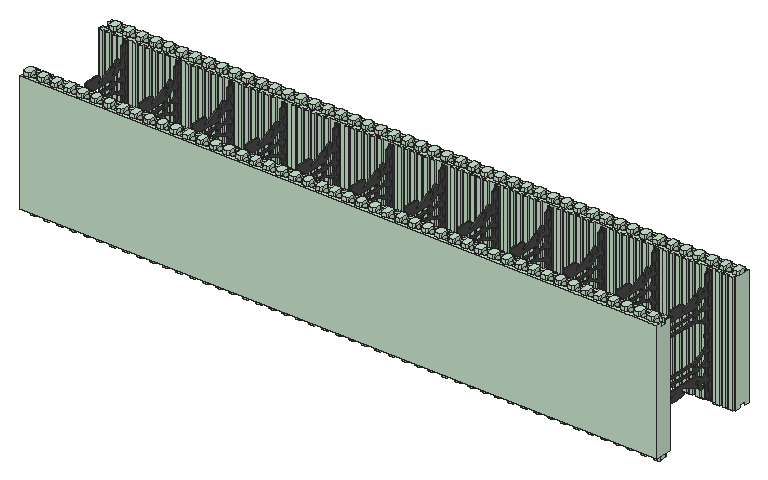
Revit family
Parameters (values of type "Standard 6" Form Unit")
  Core Thickness = 0' - 6"
Reference planes (in)
  plane 1 "Center (Front/Back)": y = 0
  plane 2: z = 0
  plane 3 "Center (Left/Right)": x = 0
  plane 4: x = 96
  plane 5: y = 6
  plane 6: y = -6
  plane 7: y = 8.625
  plane 8: y = -8.625
  plane 9: z = 18
  plane 10: z = 18.5
  plane 11: z = -0.5
Forms (in)
  Extrusion 1, solid, material "NUDURA Expanded Polystyrene Foam Insulation"
    sketch origin (0, 0, 0) x (1, 0, 0) y (0, 1, 0)
      loop
        line (0.28117, 6.25) -> (0.21883, 6) -> (0.78117, 6) -> (0.71883, 6.25) -> (1.28117, 6.25) -> (1.21883, 6) -> (1.78117, 6) -> (1.71883, 6.25) -> (2.28117, 6.25) -> (2.21883, 6) -> (2.78117, 6) -> (2.71883, 6.25) -> (5.28117, 6.25) -> (5.21883, 6) -> (5.78117, 6) -> (5.71883, 6.25) -> (6.28117, 6.25) -> (6.21883, 6) -> (6.78117, 6) -> (6.71883, 6.25) -> (7.28117, 6.25) -> (7.21883, 6) -> (7.78117, 6) -> (7.71883, 6.25) -> (8.28117, 6.25) -> (8.21883, 6) -> (8.78117, 6) -> (8.71883, 6.25) -> (9.28117, 6.25) -> (9.21883, 6) -> (9.78117, 6) -> (9.71883, 6.25) -> (10.28117, 6.25) -> (10.21883, 6) -> (10.78117, 6) -> (10.71883, 6.25) -> (13.28117, 6.25) -> (13.21883, 6) -> (13.78117, 6) -> (13.71883, 6.25) -> (14.28117, 6.25) -> (14.21883, 6) -> (14.78117, 6) -> (14.71883, 6.25) -> (15.28117, 6.25) -> (15.21883, 6) -> (15.78117, 6) -> (15.71883, 6.25) -> (16.28117, 6.25) -> (16.21883, 6) -> (16.78117, 6) -> (16.71883, 6.25) -> (17.28117, 6.25) -> (17.21883, 6) -> (17.78117, 6) -> (17.71883, 6.25) -> (18.28117, 6.25) -> (18.21883, 6) -> (18.78117, 6) -> (18.71883, 6.25) -> (21.28117, 6.25) -> (21.21883, 6) -> (21.78117, 6) -> (21.71883, 6.25) -> (22.28117, 6.25) -> (22.21883, 6) -> (22.78117, 6) -> (22.71883, 6.25) -> (23.28117, 6.25) -> (23.21883, 6) -> (23.78117, 6) -> (23.71883, 6.25) -> (24.28117, 6.25) -> (24.21883, 6) -> (24.78117, 6) -> (24.71883, 6.25) -> (25.28117, 6.25) -> (25.21883, 6) -> (25.78117, 6) -> (25.71883, 6.25) -> (26.28117, 6.25) -> (26.21883, 6) -> (26.78117, 6) -> (26.71883, 6.25) -> (29.28117, 6.25) -> (29.21883, 6) -> (29.78117, 6) -> (29.71883, 6.25) -> (30.28117, 6.25) -> (30.21883, 6) -> (30.78117, 6) -> (30.71883, 6.25) -> (31.28117, 6.25) -> (31.21883, 6) -> (31.78117, 6) -> (31.71883, 6.25) -> (32.28117, 6.25) -> (32.21883, 6) -> (32.78117, 6) -> (32.71883, 6.25) -> (33.28117, 6.25) -> (33.21883, 6) -> (33.78117, 6) -> (33.71883, 6.25) -> (34.28117, 6.25) -> (34.21883, 6) -> (34.78117, 6) -> (34.71883, 6.25) -> (37.28117, 6.25) -> (37.21883, 6) -> (37.78117, 6) -> (37.71883, 6.25) -> (38.28117, 6.25) -> (38.21883, 6) -> (38.78117, 6) -> (38.71883, 6.25) -> (39.28117, 6.25) -> (39.21883, 6) -> (39.78117, 6) -> (39.71883, 6.25) -> (40.28117, 6.25) -> (40.21883, 6) -> (40.78117, 6) -> (40.71883, 6.25) -> (41.28117, 6.25) -> (41.21883, 6) -> (41.78117, 6) -> (41.71883, 6.25) -> (42.28117, 6.25) -> (42.21883, 6) -> (42.78117, 6) -> (42.71883, 6.25) -> (45.28117, 6.25) -> (45.21883, 6) -> (45.78117, 6) -> (45.71883, 6.25) -> (46.28117, 6.25) -> (46.21883, 6) -> (46.78117, 6) -> (46.71883, 6.25) -> (47.28117, 6.25) -> (47.21883, 6) -> (47.78117, 6) -> (47.71883, 6.25) -> (48.28117, 6.25) -> (48.21883, 6) -> (48.78117, 6) -> (48.71883, 6.25) -> (49.28117, 6.25) -> (49.21883, 6) -> (49.78117, 6) -> (49.71883, 6.25) -> (50.28117, 6.25) -> (50.21883, 6) -> (50.78117, 6) -> (50.71883, 6.25) -> (53.28117, 6.25) -> (53.21883, 6) -> (53.78117, 6) -> (53.71883, 6.25) -> (54.28117, 6.25) -> (54.21883, 6) -> (54.78117, 6) -> (54.71883, 6.25) -> (55.28117, 6.25) -> (55.21883, 6) -> (55.78117, 6) -> (55.71883, 6.25) -> (56.28117, 6.25) -> (56.21883, 6) -> (56.78117, 6) -> (56.71883, 6.25) -> (57.28117, 6.25) -> (57.21883, 6) -> (57.78117, 6) -> (57.71883, 6.25) -> (58.28117, 6.25) -> (58.21883, 6) -> (58.78117, 6) -> (58.71883, 6.25) -> (61.28117, 6.25) -> (61.21883, 6) -> (61.78117, 6) -> (61.71883, 6.25) -> (62.28117, 6.25) -> (62.21883, 6) -> (62.78117, 6) -> (62.71883, 6.25) -> (63.28117, 6.25) -> (63.21883, 6) -> (63.78117, 6) -> (63.71883, 6.25) -> (64.28117, 6.25) -> (64.21883, 6) -> (64.78117, 6) -> (64.71883, 6.25) -> (65.28117, 6.25) -> (65.21883, 6) -> (65.78117, 6) -> (65.71883, 6.25) -> (66.28117, 6.25) -> (66.21883, 6) -> (66.78117, 6) -> (66.71883, 6.25) -> (69.28117, 6.25) -> (69.21883, 6) -> (69.78117, 6) -> (69.71883, 6.25) -> (70.28117, 6.25) -> (70.21883, 6) -> (70.78117, 6) -> (70.71883, 6.25) -> (71.28117, 6.25) -> (71.21883, 6) -> (71.78117, 6) -> (71.71883, 6.25) -> (72.28117, 6.25) -> (72.21883, 6) -> (72.78117, 6) -> (72.71883, 6.25) -> (73.28117, 6.25) -> (73.21883, 6) -> (73.78117, 6) -> (73.71883, 6.25) -> (74.28117, 6.25) -> (74.21883, 6) -> (74.78117, 6) -> (74.71883, 6.25) -> (77.28117, 6.25) -> (77.21883, 6) -> (77.78117, 6) -> (77.71883, 6.25) -> (78.28117, 6.25) -> (78.21883, 6) -> (78.78117, 6) -> (78.71883, 6.25) -> (79.28117, 6.25) -> (79.21883, 6) -> (79.78117, 6) -> (79.71883, 6.25) -> (80.28117, 6.25) -> (80.21883, 6) -> (80.78117, 6) -> (80.71883, 6.25) -> (81.28117, 6.25) -> (81.21883, 6) -> (81.78117, 6) -> (81.71883, 6.25) -> (82.28117, 6.25) -> (82.21883, 6) -> (82.78117, 6) -> (82.71883, 6.25) -> (85.28117, 6.25) -> (85.21883, 6) -> (85.78117, 6) -> (85.71883, 6.25) -> (86.28117, 6.25) -> (86.21883, 6) -> (86.78117, 6) -> (86.71883, 6.25) -> (87.28117, 6.25) -> (87.21883, 6) -> (87.78117, 6) -> (87.71883, 6.25) -> (88.28117, 6.25) -> (88.21883, 6) -> (88.78117, 6) -> (88.71883, 6.25) -> (89.28117, 6.25) -> (89.21883, 6) -> (89.78117, 6) -> (89.71883, 6.25) -> (90.28117, 6.25) -> (90.21883, 6) -> (90.78117, 6) -> (90.71883, 6.25) -> (93.28117, 6.25) -> (93.21883, 6) -> (93.78117, 6) -> (93.71883, 6.25) -> (94.28117, 6.25) -> (94.21883, 6) -> (94.78117, 6) -> (94.71883, 6.25) -> (95.28117, 6.25) -> (95.21883, 6) -> (95.78117, 6) -> (95.71883, 6.25) -> (96, 6.25) -> (96, 8.625) -> (0, 8.625) -> (0, 6.25) -> (0.28117, 6.25)
      loop
        line (0.28117, -6.25) -> (0, -6.25) -> (0, -8.625) -> (96, -8.625) -> (96, -6.25) -> (95.71883, -6.25) -> (95.78117, -6) -> (95.21883, -6) -> (95.28117, -6.25) -> (94.71883, -6.25) -> (94.78117, -6) -> (94.21883, -6) -> (94.28117, -6.25) -> (93.71883, -6.25) -> (93.78117, -6) -> (93.21883, -6) -> (93.28117, -6.25) -> (90.71883, -6.25) -> (90.78117, -6) -> (90.21883, -6) -> (90.28117, -6.25) -> (89.71883, -6.25) -> (89.78117, -6) -> (89.21883, -6) -> (89.28117, -6.25) -> (88.71883, -6.25) -> (88.78117, -6) -> (88.21883, -6) -> (88.28117, -6.25) -> (87.71883, -6.25) -> (87.78117, -6) -> (87.21883, -6) -> (87.28117, -6.25) -> (86.71883, -6.25) -> (86.78117, -6) -> (86.21883, -6) -> (86.28117, -6.25) -> (85.71883, -6.25) -> (85.78117, -6) -> (85.21883, -6) -> (85.28117, -6.25) -> (82.71883, -6.25) -> (82.78117, -6) -> (82.21883, -6) -> (82.28117, -6.25) -> (81.71883, -6.25) -> (81.78117, -6) -> (81.21883, -6) -> (81.28117, -6.25) -> (80.71883, -6.25) -> (80.78117, -6) -> (80.21883, -6) -> (80.28117, -6.25) -> (79.71883, -6.25) -> (79.78117, -6) -> (79.21883, -6) -> (79.28117, -6.25) -> (78.71883, -6.25) -> (78.78117, -6) -> (78.21883, -6) -> (78.28117, -6.25) -> (77.71883, -6.25) -> (77.78117, -6) -> (77.21883, -6) -> (77.28117, -6.25) -> (74.71883, -6.25) -> (74.78117, -6) -> (74.21883, -6) -> (74.28117, -6.25) -> (73.71883, -6.25) -> (73.78117, -6) -> (73.21883, -6) -> (73.28117, -6.25) -> (72.71883, -6.25) -> (72.78117, -6) -> (72.21883, -6) -> (72.28117, -6.25) -> (71.71883, -6.25) -> (71.78117, -6) -> (71.21883, -6) -> (71.28117, -6.25) -> (70.71883, -6.25) -> (70.78117, -6) -> (70.21883, -6) -> (70.28117, -6.25) -> (69.71883, -6.25) -> (69.78117, -6) -> (69.21883, -6) -> (69.28117, -6.25) -> (66.71883, -6.25) -> (66.78117, -6) -> (66.21883, -6) -> (66.28117, -6.25) -> (65.71883, -6.25) -> (65.78117, -6) -> (65.21883, -6) -> (65.28117, -6.25) -> (64.71883, -6.25) -> (64.78117, -6) -> (64.21883, -6) -> (64.28117, -6.25) -> (63.71883, -6.25) -> (63.78117, -6) -> (63.21883, -6) -> (63.28117, -6.25) -> (62.71883, -6.25) -> (62.78117, -6) -> (62.21883, -6) -> (62.28117, -6.25) -> (61.71883, -6.25) -> (61.78117, -6) -> (61.21883, -6) -> (61.28117, -6.25) -> (58.71883, -6.25) -> (58.78117, -6) -> (58.21883, -6) -> (58.28117, -6.25) -> (57.71883, -6.25) -> (57.78117, -6) -> (57.21883, -6) -> (57.28117, -6.25) -> (56.71883, -6.25) -> (56.78117, -6) -> (56.21883, -6) -> (56.28117, -6.25) -> (55.71883, -6.25) -> (55.78117, -6) -> (55.21883, -6) -> (55.28117, -6.25) -> (54.71883, -6.25) -> (54.78117, -6) -> (54.21883, -6) -> (54.28117, -6.25) -> (53.71883, -6.25) -> (53.78117, -6) -> (53.21883, -6) -> (53.28117, -6.25) -> (50.71883, -6.25) -> (50.78117, -6) -> (50.21883, -6) -> (50.28117, -6.25) -> (49.71883, -6.25) -> (49.78117, -6) -> (49.21883, -6) -> (49.28117, -6.25) -> (48.71883, -6.25) -> (48.78117, -6) -> (48.21883, -6) -> (48.28117, -6.25) -> (47.71883, -6.25) -> (47.78117, -6) -> (47.21883, -6) -> (47.28117, -6.25) -> (46.71883, -6.25) -> (46.78117, -6) -> (46.21883, -6) -> (46.28117, -6.25) -> (45.71883, -6.25) -> (45.78117, -6) -> (45.21883, -6) -> (45.28117, -6.25) -> (42.71883, -6.25) -> (42.78117, -6) -> (42.21883, -6) -> (42.28117, -6.25) -> (41.71883, -6.25) -> (41.78117, -6) -> (41.21883, -6) -> (41.28117, -6.25) -> (40.71883, -6.25) -> (40.78117, -6) -> (40.21883, -6) -> (40.28117, -6.25) -> (39.71883, -6.25) -> (39.78117, -6) -> (39.21883, -6) -> (39.28117, -6.25) -> (38.71883, -6.25) -> (38.78117, -6) -> (38.21883, -6) -> (38.28117, -6.25) -> (37.71883, -6.25) -> (37.78117, -6) -> (37.21883, -6) -> (37.28117, -6.25) -> (34.71883, -6.25) -> (34.78117, -6) -> (34.21883, -6) -> (34.28117, -6.25) -> (33.71883, -6.25) -> (33.78117, -6) -> (33.21883, -6) -> (33.28117, -6.25) -> (32.71883, -6.25) -> (32.78117, -6) -> (32.21883, -6) -> (32.28117, -6.25) -> (31.71883, -6.25) -> (31.78117, -6) -> (31.21883, -6) -> (31.28117, -6.25) -> (30.71883, -6.25) -> (30.78117, -6) -> (30.21883, -6) -> (30.28117, -6.25) -> (29.71883, -6.25) -> (29.78117, -6) -> (29.21883, -6) -> (29.28117, -6.25) -> (26.71883, -6.25) -> (26.78117, -6) -> (26.21883, -6) -> (26.28117, -6.25) -> (25.71883, -6.25) -> (25.78117, -6) -> (25.21883, -6) -> (25.28117, -6.25) -> (24.71883, -6.25) -> (24.78117, -6) -> (24.21883, -6) -> (24.28117, -6.25) -> (23.71883, -6.25) -> (23.78117, -6) -> (23.21883, -6) -> (23.28117, -6.25) -> (22.71883, -6.25) -> (22.78117, -6) -> (22.21883, -6) -> (22.28117, -6.25) -> (21.71883, -6.25) -> (21.78117, -6) -> (21.21883, -6) -> (21.28117, -6.25) -> (18.71883, -6.25) -> (18.78117, -6) -> (18.21883, -6) -> (18.28117, -6.25) -> (17.71883, -6.25) -> (17.78117, -6) -> (17.21883, -6) -> (17.28117, -6.25) -> (16.71883, -6.25) -> (16.78117, -6) -> (16.21883, -6) -> (16.28117, -6.25) -> (15.71883, -6.25) -> (15.78117, -6) -> (15.21883, -6) -> (15.28117, -6.25) -> (14.71883, -6.25) -> (14.78117, -6) -> (14.21883, -6) -> (14.28117, -6.25) -> (13.71883, -6.25) -> (13.78117, -6) -> (13.21883, -6) -> (13.28117, -6.25) -> (10.71883, -6.25) -> (10.78117, -6) -> (10.21883, -6) -> (10.28117, -6.25) -> (9.71883, -6.25) -> (9.78117, -6) -> (9.21883, -6) -> (9.28117, -6.25) -> (8.71883, -6.25) -> (8.78117, -6) -> (8.21883, -6) -> (8.28117, -6.25) -> (7.71883, -6.25) -> (7.78117, -6) -> (7.21883, -6) -> (7.28117, -6.25) -> (6.71883, -6.25) -> (6.78117, -6) -> (6.21883, -6) -> (6.28117, -6.25) -> (5.71883, -6.25) -> (5.78117, -6) -> (5.21883, -6) -> (5.28117, -6.25) -> (2.71883, -6.25) -> (2.78117, -6) -> (2.21883, -6) -> (2.28117, -6.25) -> (1.71883, -6.25) -> (1.78117, -6) -> (1.21883, -6) -> (1.28117, -6.25) -> (0.71883, -6.25) -> (0.78117, -6) -> (0.21883, -6) -> (0.28117, -6.25)
    from 0 to 18
  Extrusion 2, void
    sketch origin (0, -3, 0) x (1, 0, 0) y (0, 1, 0)
      loop
        arc (1, -4.89808) -> (1.04785, -5.04517) -> (1.17308, -5.13595) r 0.25
        arc (1.17308, -5.13595) -> (1.5, -5.1875) -> (1.82692, -5.13595) r 1.0625
        arc (1.82692, -5.13595) -> (1.95215, -5.04517) -> (2, -4.89808) r 0.25
        line (2, -4.89808) -> (2, -3.97692)
        arc (2, -3.97692) -> (1.98276, -3.88568) -> (1.9334, -3.80702) r 0.25
        arc (1.9334, -3.80702) -> (1.92106, -3.78736) -> (1.91675, -3.76455) r 0.0625
        line (1.91675, -3.76455) -> (1.91675, -3.41845) -> (1.74592, -3.41845) -> (1.74592, -3.64005)
        arc (1.74592, -3.64005) -> (1.72385, -3.68771) -> (1.67323, -3.70172) r 0.0625
        arc (1.67323, -3.70172) -> (1.42092, -3.69045) -> (1.17308, -3.73905) r 1.0625
        arc (1.17308, -3.73905) -> (1.04785, -3.82983) -> (1, -3.97692) r 0.25
        line (1, -3.97692) -> (1, -4.89808)
    from 18 to 17.5
  Extrusion 3, void
    sketch origin (2, -3, 0) x (1, 0, 0) y (0, 1, 0)
      loop
        arc (1, -4.89808) -> (1.04785, -5.04517) -> (1.17308, -5.13595) r 0.25
        arc (1.17308, -5.13595) -> (1.5, -5.1875) -> (1.82692, -5.13595) r 1.0625
        arc (1.82692, -5.13595) -> (1.95215, -5.04517) -> (2, -4.89808) r 0.25
        line (2, -4.89808) -> (2, -3.97692)
        arc (2, -3.97692) -> (1.98276, -3.88568) -> (1.9334, -3.80702) r 0.25
        arc (1.9334, -3.80702) -> (1.92106, -3.78736) -> (1.91675, -3.76455) r 0.0625
        line (1.91675, -3.76455) -> (1.91675, -3.41845) -> (1.74592, -3.41845) -> (1.74592, -3.64005)
        arc (1.74592, -3.64005) -> (1.72385, -3.68771) -> (1.67323, -3.70172) r 0.0625
        arc (1.67323, -3.70172) -> (1.42092, -3.69045) -> (1.17308, -3.73905) r 1.0625
        arc (1.17308, -3.73905) -> (1.04785, -3.82983) -> (1, -3.97692) r 0.25
        line (1, -3.97692) -> (1, -4.89808)
    from 18 to 17.5
  Extrusion 4, void
    sketch origin (4, -3, 0) x (1, 0, 0) y (0, 1, 0)
      loop
        arc (1, -4.89808) -> (1.04785, -5.04517) -> (1.17308, -5.13595) r 0.25
        arc (1.17308, -5.13595) -> (1.5, -5.1875) -> (1.82692, -5.13595) r 1.0625
        arc (1.82692, -5.13595) -> (1.95215, -5.04517) -> (2, -4.89808) r 0.25
        line (2, -4.89808) -> (2, -3.97692)
        arc (2, -3.97692) -> (1.98276, -3.88568) -> (1.9334, -3.80702) r 0.25
        arc (1.9334, -3.80702) -> (1.92106, -3.78736) -> (1.91675, -3.76455) r 0.0625
        line (1.91675, -3.76455) -> (1.91675, -3.41845) -> (1.74592, -3.41845) -> (1.74592, -3.64005)
        arc (1.74592, -3.64005) -> (1.72385, -3.68771) -> (1.67323, -3.70172) r 0.0625
        arc (1.67323, -3.70172) -> (1.42092, -3.69045) -> (1.17308, -3.73905) r 1.0625
        arc (1.17308, -3.73905) -> (1.04785, -3.82983) -> (1, -3.97692) r 0.25
        line (1, -3.97692) -> (1, -4.89808)
    from 18 to 17.5
  Extrusion 5, void
    sketch origin (6, -3, 0) x (1, 0, 0) y (0, 1, 0)
      loop
        arc (1, -4.89808) -> (1.04785, -5.04517) -> (1.17308, -5.13595) r 0.25
        arc (1.17308, -5.13595) -> (1.5, -5.1875) -> (1.82692, -5.13595) r 1.0625
        arc (1.82692, -5.13595) -> (1.95215, -5.04517) -> (2, -4.89808) r 0.25
        line (2, -4.89808) -> (2, -3.97692)
        arc (2, -3.97692) -> (1.98276, -3.88568) -> (1.9334, -3.80702) r 0.25
        arc (1.9334, -3.80702) -> (1.92106, -3.78736) -> (1.91675, -3.76455) r 0.0625
        line (1.91675, -3.76455) -> (1.91675, -3.41845) -> (1.74592, -3.41845) -> (1.74592, -3.64005)
        arc (1.74592, -3.64005) -> (1.72385, -3.68771) -> (1.67323, -3.70172) r 0.0625
        arc (1.67323, -3.70172) -> (1.42092, -3.69045) -> (1.17308, -3.73905) r 1.0625
        arc (1.17308, -3.73905) -> (1.04785, -3.82983) -> (1, -3.97692) r 0.25
        line (1, -3.97692) -> (1, -4.89808)
    from 18 to 17.5
  Extrusion 6, void
    sketch origin (8, -3, 0) x (1, 0, 0) y (0, 1, 0)
      loop
        arc (1, -4.89808) -> (1.04785, -5.04517) -> (1.17308, -5.13595) r 0.25
        arc (1.17308, -5.13595) -> (1.5, -5.1875) -> (1.82692, -5.13595) r 1.0625
        arc (1.82692, -5.13595) -> (1.95215, -5.04517) -> (2, -4.89808) r 0.25
        line (2, -4.89808) -> (2, -3.97692)
        arc (2, -3.97692) -> (1.98276, -3.88568) -> (1.9334, -3.80702) r 0.25
        arc (1.9334, -3.80702) -> (1.92106, -3.78736) -> (1.91675, -3.76455) r 0.0625
        line (1.91675, -3.76455) -> (1.91675, -3.41845) -> (1.74592, -3.41845) -> (1.74592, -3.64005)
        arc (1.74592, -3.64005) -> (1.72385, -3.68771) -> (1.67323, -3.70172) r 0.0625
        arc (1.67323, -3.70172) -> (1.42092, -3.69045) -> (1.17308, -3.73905) r 1.0625
        arc (1.17308, -3.73905) -> (1.04785, -3.82983) -> (1, -3.97692) r 0.25
        line (1, -3.97692) -> (1, -4.89808)
    from 18 to 17.5
  Extrusion 7, void
    sketch origin (10, -3, 0) x (1, 0, 0) y (0, 1, 0)
      loop
        arc (1, -4.89808) -> (1.04785, -5.04517) -> (1.17308, -5.13595) r 0.25
        arc (1.17308, -5.13595) -> (1.5, -5.1875) -> (1.82692, -5.13595) r 1.0625
        arc (1.82692, -5.13595) -> (1.95215, -5.04517) -> (2, -4.89808) r 0.25
        line (2, -4.89808) -> (2, -3.97692)
        arc (2, -3.97692) -> (1.98276, -3.88568) -> (1.9334, -3.80702) r 0.25
        arc (1.9334, -3.80702) -> (1.92106, -3.78736) -> (1.91675, -3.76455) r 0.0625
        line (1.91675, -3.76455) -> (1.91675, -3.41845) -> (1.74592, -3.41845) -> (1.74592, -3.64005)
        arc (1.74592, -3.64005) -> (1.72385, -3.68771) -> (1.67323, -3.70172) r 0.0625
        arc (1.67323, -3.70172) -> (1.42092, -3.69045) -> (1.17308, -3.73905) r 1.0625
        arc (1.17308, -3.73905) -> (1.04785, -3.82983) -> (1, -3.97692) r 0.25
        line (1, -3.97692) -> (1, -4.89808)
    from 18 to 17.5
  Extrusion 8, void
    sketch origin (12, -3, 0) x (1, 0, 0) y (0, 1, 0)
      loop
        arc (1, -4.89808) -> (1.04785, -5.04517) -> (1.17308, -5.13595) r 0.25
        arc (1.17308, -5.13595) -> (1.5, -5.1875) -> (1.82692, -5.13595) r 1.0625
        arc (1.82692, -5.13595) -> (1.95215, -5.04517) -> (2, -4.89808) r 0.25
        line (2, -4.89808) -> (2, -3.97692)
        arc (2, -3.97692) -> (1.98276, -3.88568) -> (1.9334, -3.80702) r 0.25
        arc (1.9334, -3.80702) -> (1.92106, -3.78736) -> (1.91675, -3.76455) r 0.0625
        line (1.91675, -3.76455) -> (1.91675, -3.41845) -> (1.74592, -3.41845) -> (1.74592, -3.64005)
        arc (1.74592, -3.64005) -> (1.72385, -3.68771) -> (1.67323, -3.70172) r 0.0625
        arc (1.67323, -3.70172) -> (1.42092, -3.69045) -> (1.17308, -3.73905) r 1.0625
        arc (1.17308, -3.73905) -> (1.04785, -3.82983) -> (1, -3.97692) r 0.25
        line (1, -3.97692) -> (1, -4.89808)
    from 18 to 17.5
  Extrusion 9, void
    sketch origin (14, -3, 0) x (1, 0, 0) y (0, 1, 0)
      loop
        arc (1, -4.89808) -> (1.04785, -5.04517) -> (1.17308, -5.13595) r 0.25
        arc (1.17308, -5.13595) -> (1.5, -5.1875) -> (1.82692, -5.13595) r 1.0625
        arc (1.82692, -5.13595) -> (1.95215, -5.04517) -> (2, -4.89808) r 0.25
        line (2, -4.89808) -> (2, -3.97692)
        arc (2, -3.97692) -> (1.98276, -3.88568) -> (1.9334, -3.80702) r 0.25
        arc (1.9334, -3.80702) -> (1.92106, -3.78736) -> (1.91675, -3.76455) r 0.0625
        line (1.91675, -3.76455) -> (1.91675, -3.41845) -> (1.74592, -3.41845) -> (1.74592, -3.64005)
        arc (1.74592, -3.64005) -> (1.72385, -3.68771) -> (1.67323, -3.70172) r 0.0625
        arc (1.67323, -3.70172) -> (1.42092, -3.69045) -> (1.17308, -3.73905) r 1.0625
        arc (1.17308, -3.73905) -> (1.04785, -3.82983) -> (1, -3.97692) r 0.25
        line (1, -3.97692) -> (1, -4.89808)
    from 18 to 17.5
  Extrusion 10, void
    sketch origin (16, -3, 0) x (1, 0, 0) y (0, 1, 0)
      loop
        arc (1, -4.89808) -> (1.04785, -5.04517) -> (1.17308, -5.13595) r 0.25
        arc (1.17308, -5.13595) -> (1.5, -5.1875) -> (1.82692, -5.13595) r 1.0625
        arc (1.82692, -5.13595) -> (1.95215, -5.04517) -> (2, -4.89808) r 0.25
        line (2, -4.89808) -> (2, -3.97692)
        arc (2, -3.97692) -> (1.98276, -3.88568) -> (1.9334, -3.80702) r 0.25
        arc (1.9334, -3.80702) -> (1.92106, -3.78736) -> (1.91675, -3.76455) r 0.0625
        line (1.91675, -3.76455) -> (1.91675, -3.41845) -> (1.74592, -3.41845) -> (1.74592, -3.64005)
        arc (1.74592, -3.64005) -> (1.72385, -3.68771) -> (1.67323, -3.70172) r 0.0625
        arc (1.67323, -3.70172) -> (1.42092, -3.69045) -> (1.17308, -3.73905) r 1.0625
        arc (1.17308, -3.73905) -> (1.04785, -3.82983) -> (1, -3.97692) r 0.25
        line (1, -3.97692) -> (1, -4.89808)
    from 18 to 17.5
  Extrusion 11, void
    sketch origin (18, -3, 0) x (1, 0, 0) y (0, 1, 0)
      loop
        arc (1, -4.89808) -> (1.04785, -5.04517) -> (1.17308, -5.13595) r 0.25
        arc (1.17308, -5.13595) -> (1.5, -5.1875) -> (1.82692, -5.13595) r 1.0625
        arc (1.82692, -5.13595) -> (1.95215, -5.04517) -> (2, -4.89808) r 0.25
        line (2, -4.89808) -> (2, -3.97692)
        arc (2, -3.97692) -> (1.98276, -3.88568) -> (1.9334, -3.80702) r 0.25
        arc (1.9334, -3.80702) -> (1.92106, -3.78736) -> (1.91675, -3.76455) r 0.0625
        line (1.91675, -3.76455) -> (1.91675, -3.41845) -> (1.74592, -3.41845) -> (1.74592, -3.64005)
        arc (1.74592, -3.64005) -> (1.72385, -3.68771) -> (1.67323, -3.70172) r 0.0625
        arc (1.67323, -3.70172) -> (1.42092, -3.69045) -> (1.17308, -3.73905) r 1.0625
        arc (1.17308, -3.73905) -> (1.04785, -3.82983) -> (1, -3.97692) r 0.25
        line (1, -3.97692) -> (1, -4.89808)
    from 18 to 17.5
  Extrusion 12, void
    sketch origin (20, -3, 0) x (1, 0, 0) y (0, 1, 0)
      loop
        arc (1, -4.89808) -> (1.04785, -5.04517) -> (1.17308, -5.13595) r 0.25
        arc (1.17308, -5.13595) -> (1.5, -5.1875) -> (1.82692, -5.13595) r 1.0625
        arc (1.82692, -5.13595) -> (1.95215, -5.04517) -> (2, -4.89808) r 0.25
        line (2, -4.89808) -> (2, -3.97692)
        arc (2, -3.97692) -> (1.98276, -3.88568) -> (1.9334, -3.80702) r 0.25
        arc (1.9334, -3.80702) -> (1.92106, -3.78736) -> (1.91675, -3.76455) r 0.0625
        line (1.91675, -3.76455) -> (1.91675, -3.41845) -> (1.74592, -3.41845) -> (1.74592, -3.64005)
        arc (1.74592, -3.64005) -> (1.72385, -3.68771) -> (1.67323, -3.70172) r 0.0625
        arc (1.67323, -3.70172) -> (1.42092, -3.69045) -> (1.17308, -3.73905) r 1.0625
        arc (1.17308, -3.73905) -> (1.04785, -3.82983) -> (1, -3.97692) r 0.25
        line (1, -3.97692) -> (1, -4.89808)
    from 18 to 17.5
  Extrusion 13, void
    sketch origin (22, -3, 0) x (1, 0, 0) y (0, 1, 0)
      loop
        arc (1, -4.89808) -> (1.04785, -5.04517) -> (1.17308, -5.13595) r 0.25
        arc (1.17308, -5.13595) -> (1.5, -5.1875) -> (1.82692, -5.13595) r 1.0625
        arc (1.82692, -5.13595) -> (1.95215, -5.04517) -> (2, -4.89808) r 0.25
        line (2, -4.89808) -> (2, -3.97692)
        arc (2, -3.97692) -> (1.98276, -3.88568) -> (1.9334, -3.80702) r 0.25
        arc (1.9334, -3.80702) -> (1.92106, -3.78736) -> (1.91675, -3.76455) r 0.0625
        line (1.91675, -3.76455) -> (1.91675, -3.41845) -> (1.74592, -3.41845) -> (1.74592, -3.64005)
        arc (1.74592, -3.64005) -> (1.72385, -3.68771) -> (1.67323, -3.70172) r 0.0625
        arc (1.67323, -3.70172) -> (1.42092, -3.69045) -> (1.17308, -3.73905) r 1.0625
        arc (1.17308, -3.73905) -> (1.04785, -3.82983) -> (1, -3.97692) r 0.25
        line (1, -3.97692) -> (1, -4.89808)
    from 18 to 17.5
  Extrusion 14, void
    sketch origin (24, -3, 0) x (1, 0, 0) y (0, 1, 0)
      loop
        arc (1, -4.89808) -> (1.04785, -5.04517) -> (1.17308, -5.13595) r 0.25
        arc (1.17308, -5.13595) -> (1.5, -5.1875) -> (1.82692, -5.13595) r 1.0625
        arc (1.82692, -5.13595) -> (1.95215, -5.04517) -> (2, -4.89808) r 0.25
        line (2, -4.89808) -> (2, -3.97692)
        arc (2, -3.97692) -> (1.98276, -3.88568) -> (1.9334, -3.80702) r 0.25
        arc (1.9334, -3.80702) -> (1.92106, -3.78736) -> (1.91675, -3.76455) r 0.0625
        line (1.91675, -3.76455) -> (1.91675, -3.41845) -> (1.74592, -3.41845) -> (1.74592, -3.64005)
        arc (1.74592, -3.64005) -> (1.72385, -3.68771) -> (1.67323, -3.70172) r 0.0625
        arc (1.67323, -3.70172) -> (1.42092, -3.69045) -> (1.17308, -3.73905) r 1.0625
        arc (1.17308, -3.73905) -> (1.04785, -3.82983) -> (1, -3.97692) r 0.25
        line (1, -3.97692) -> (1, -4.89808)
    from 18 to 17.5
  Extrusion 15, void
    sketch origin (26, -3, 0) x (1, 0, 0) y (0, 1, 0)
      loop
        arc (1, -4.89808) -> (1.04785, -5.04517) -> (1.17308, -5.13595) r 0.25
        arc (1.17308, -5.13595) -> (1.5, -5.1875) -> (1.82692, -5.13595) r 1.0625
        arc (1.82692, -5.13595) -> (1.95215, -5.04517) -> (2, -4.89808) r 0.25
        line (2, -4.89808) -> (2, -3.97692)
        arc (2, -3.97692) -> (1.98276, -3.88568) -> (1.9334, -3.80702) r 0.25
        arc (1.9334, -3.80702) -> (1.92106, -3.78736) -> (1.91675, -3.76455) r 0.0625
        line (1.91675, -3.76455) -> (1.91675, -3.41845) -> (1.74592, -3.41845) -> (1.74592, -3.64005)
        arc (1.74592, -3.64005) -> (1.72385, -3.68771) -> (1.67323, -3.70172) r 0.0625
        arc (1.67323, -3.70172) -> (1.42092, -3.69045) -> (1.17308, -3.73905) r 1.0625
        arc (1.17308, -3.73905) -> (1.04785, -3.82983) -> (1, -3.97692) r 0.25
        line (1, -3.97692) -> (1, -4.89808)
    from 18 to 17.5
  Extrusion 16, void
    sketch origin (28, -3, 0) x (1, 0, 0) y (0, 1, 0)
      loop
        arc (1, -4.89808) -> (1.04785, -5.04517) -> (1.17308, -5.13595) r 0.25
        arc (1.17308, -5.13595) -> (1.5, -5.1875) -> (1.82692, -5.13595) r 1.0625
        arc (1.82692, -5.13595) -> (1.95215, -5.04517) -> (2, -4.89808) r 0.25
        line (2, -4.89808) -> (2, -3.97692)
        arc (2, -3.97692) -> (1.98276, -3.88568) -> (1.9334, -3.80702) r 0.25
        arc (1.9334, -3.80702) -> (1.92106, -3.78736) -> (1.91675, -3.76455) r 0.0625
        line (1.91675, -3.76455) -> (1.91675, -3.41845) -> (1.74592, -3.41845) -> (1.74592, -3.64005)
        arc (1.74592, -3.64005) -> (1.72385, -3.68771) -> (1.67323, -3.70172) r 0.0625
        arc (1.67323, -3.70172) -> (1.42092, -3.69045) -> (1.17308, -3.73905) r 1.0625
        arc (1.17308, -3.73905) -> (1.04785, -3.82983) -> (1, -3.97692) r 0.25
        line (1, -3.97692) -> (1, -4.89808)
    from 18 to 17.5
  Extrusion 17, void
    sketch origin (30, -3, 0) x (1, 0, 0) y (0, 1, 0)
      loop
        arc (1, -4.89808) -> (1.04785, -5.04517) -> (1.17308, -5.13595) r 0.25
        arc (1.17308, -5.13595) -> (1.5, -5.1875) -> (1.82692, -5.13595) r 1.0625
        arc (1.82692, -5.13595) -> (1.95215, -5.04517) -> (2, -4.89808) r 0.25
        line (2, -4.89808) -> (2, -3.97692)
        arc (2, -3.97692) -> (1.98276, -3.88568) -> (1.9334, -3.80702) r 0.25
        arc (1.9334, -3.80702) -> (1.92106, -3.78736) -> (1.91675, -3.76455) r 0.0625
        line (1.91675, -3.76455) -> (1.91675, -3.41845) -> (1.74592, -3.41845) -> (1.74592, -3.64005)
        arc (1.74592, -3.64005) -> (1.72385, -3.68771) -> (1.67323, -3.70172) r 0.0625
        arc (1.67323, -3.70172) -> (1.42092, -3.69045) -> (1.17308, -3.73905) r 1.0625
        arc (1.17308, -3.73905) -> (1.04785, -3.82983) -> (1, -3.97692) r 0.25
        line (1, -3.97692) -> (1, -4.89808)
    from 18 to 17.5
  Extrusion 18, void
    sketch origin (32, -3, 0) x (1, 0, 0) y (0, 1, 0)
      loop
        arc (1, -4.89808) -> (1.04785, -5.04517) -> (1.17308, -5.13595) r 0.25
        arc (1.17308, -5.13595) -> (1.5, -5.1875) -> (1.82692, -5.13595) r 1.0625
        arc (1.82692, -5.13595) -> (1.95215, -5.04517) -> (2, -4.89808) r 0.25
        line (2, -4.89808) -> (2, -3.97692)
        arc (2, -3.97692) -> (1.98276, -3.88568) -> (1.9334, -3.80702) r 0.25
        arc (1.9334, -3.80702) -> (1.92106, -3.78736) -> (1.91675, -3.76455) r 0.0625
        line (1.91675, -3.76455) -> (1.91675, -3.41845) -> (1.74592, -3.41845) -> (1.74592, -3.64005)
        arc (1.74592, -3.64005) -> (1.72385, -3.68771) -> (1.67323, -3.70172) r 0.0625
        arc (1.67323, -3.70172) -> (1.42092, -3.69045) -> (1.17308, -3.73905) r 1.0625
        arc (1.17308, -3.73905) -> (1.04785, -3.82983) -> (1, -3.97692) r 0.25
        line (1, -3.97692) -> (1, -4.89808)
    from 18 to 17.5
  Extrusion 19, void
    sketch origin (34, -3, 0) x (1, 0, 0) y (0, 1, 0)
      loop
        arc (1, -4.89808) -> (1.04785, -5.04517) -> (1.17308, -5.13595) r 0.25
        arc (1.17308, -5.13595) -> (1.5, -5.1875) -> (1.82692, -5.13595) r 1.0625
        arc (1.82692, -5.13595) -> (1.95215, -5.04517) -> (2, -4.89808) r 0.25
        line (2, -4.89808) -> (2, -3.97692)
        arc (2, -3.97692) -> (1.98276, -3.88568) -> (1.9334, -3.80702) r 0.25
        arc (1.9334, -3.80702) -> (1.92106, -3.78736) -> (1.91675, -3.76455) r 0.0625
        line (1.91675, -3.76455) -> (1.91675, -3.41845) -> (1.74592, -3.41845) -> (1.74592, -3.64005)
        arc (1.74592, -3.64005) -> (1.72385, -3.68771) -> (1.67323, -3.70172) r 0.0625
        arc (1.67323, -3.70172) -> (1.42092, -3.69045) -> (1.17308, -3.73905) r 1.0625
        arc (1.17308, -3.73905) -> (1.04785, -3.82983) -> (1, -3.97692) r 0.25
        line (1, -3.97692) -> (1, -4.89808)
    from 18 to 17.5
  Extrusion 20, void
    sketch origin (36, -3, 0) x (1, 0, 0) y (0, 1, 0)
      loop
        arc (1, -4.89808) -> (1.04785, -5.04517) -> (1.17308, -5.13595) r 0.25
        arc (1.17308, -5.13595) -> (1.5, -5.1875) -> (1.82692, -5.13595) r 1.0625
        arc (1.82692, -5.13595) -> (1.95215, -5.04517) -> (2, -4.89808) r 0.25
        line (2, -4.89808) -> (2, -3.97692)
        arc (2, -3.97692) -> (1.98276, -3.88568) -> (1.9334, -3.80702) r 0.25
        arc (1.9334, -3.80702) -> (1.92106, -3.78736) -> (1.91675, -3.76455) r 0.0625
        line (1.91675, -3.76455) -> (1.91675, -3.41845) -> (1.74592, -3.41845) -> (1.74592, -3.64005)
        arc (1.74592, -3.64005) -> (1.72385, -3.68771) -> (1.67323, -3.70172) r 0.0625
        arc (1.67323, -3.70172) -> (1.42092, -3.69045) -> (1.17308, -3.73905) r 1.0625
        arc (1.17308, -3.73905) -> (1.04785, -3.82983) -> (1, -3.97692) r 0.25
        line (1, -3.97692) -> (1, -4.89808)
    from 18 to 17.5
  Extrusion 21, void
    sketch origin (38, -3, 0) x (1, 0, 0) y (0, 1, 0)
      loop
        arc (1, -4.89808) -> (1.04785, -5.04517) -> (1.17308, -5.13595) r 0.25
        arc (1.17308, -5.13595) -> (1.5, -5.1875) -> (1.82692, -5.13595) r 1.0625
        arc (1.82692, -5.13595) -> (1.95215, -5.04517) -> (2, -4.89808) r 0.25
        line (2, -4.89808) -> (2, -3.97692)
        arc (2, -3.97692) -> (1.98276, -3.88568) -> (1.9334, -3.80702) r 0.25
        arc (1.9334, -3.80702) -> (1.92106, -3.78736) -> (1.91675, -3.76455) r 0.0625
        line (1.91675, -3.76455) -> (1.91675, -3.41845) -> (1.74592, -3.41845) -> (1.74592, -3.64005)
        arc (1.74592, -3.64005) -> (1.72385, -3.68771) -> (1.67323, -3.70172) r 0.0625
        arc (1.67323, -3.70172) -> (1.42092, -3.69045) -> (1.17308, -3.73905) r 1.0625
        arc (1.17308, -3.73905) -> (1.04785, -3.82983) -> (1, -3.97692) r 0.25
        line (1, -3.97692) -> (1, -4.89808)
    from 18 to 17.5
  Extrusion 22, void
    sketch origin (40, -3, 0) x (1, 0, 0) y (0, 1, 0)
      loop
        arc (1, -4.89808) -> (1.04785, -5.04517) -> (1.17308, -5.13595) r 0.25
        arc (1.17308, -5.13595) -> (1.5, -5.1875) -> (1.82692, -5.13595) r 1.0625
        arc (1.82692, -5.13595) -> (1.95215, -5.04517) -> (2, -4.89808) r 0.25
        line (2, -4.89808) -> (2, -3.97692)
        arc (2, -3.97692) -> (1.98276, -3.88568) -> (1.9334, -3.80702) r 0.25
        arc (1.9334, -3.80702) -> (1.92106, -3.78736) -> (1.91675, -3.76455) r 0.0625
        line (1.91675, -3.76455) -> (1.91675, -3.41845) -> (1.74592, -3.41845) -> (1.74592, -3.64005)
        arc (1.74592, -3.64005) -> (1.72385, -3.68771) -> (1.67323, -3.70172) r 0.0625
        arc (1.67323, -3.70172) -> (1.42092, -3.69045) -> (1.17308, -3.73905) r 1.0625
        arc (1.17308, -3.73905) -> (1.04785, -3.82983) -> (1, -3.97692) r 0.25
        line (1, -3.97692) -> (1, -4.89808)
    from 18 to 17.5
  Extrusion 23, void
    sketch origin (42, -3, 0) x (1, 0, 0) y (0, 1, 0)
      loop
        arc (1, -4.89808) -> (1.04785, -5.04517) -> (1.17308, -5.13595) r 0.25
        arc (1.17308, -5.13595) -> (1.5, -5.1875) -> (1.82692, -5.13595) r 1.0625
        arc (1.82692, -5.13595) -> (1.95215, -5.04517) -> (2, -4.89808) r 0.25
        line (2, -4.89808) -> (2, -3.97692)
        arc (2, -3.97692) -> (1.98276, -3.88568) -> (1.9334, -3.80702) r 0.25
        arc (1.9334, -3.80702) -> (1.92106, -3.78736) -> (1.91675, -3.76455) r 0.0625
        line (1.91675, -3.76455) -> (1.91675, -3.41845) -> (1.74592, -3.41845) -> (1.74592, -3.64005)
        arc (1.74592, -3.64005) -> (1.72385, -3.68771) -> (1.67323, -3.70172) r 0.0625
        arc (1.67323, -3.70172) -> (1.42092, -3.69045) -> (1.17308, -3.73905) r 1.0625
        arc (1.17308, -3.73905) -> (1.04785, -3.82983) -> (1, -3.97692) r 0.25
        line (1, -3.97692) -> (1, -4.89808)
    from 18 to 17.5
  Extrusion 24, void
    sketch origin (44, -3, 0) x (1, 0, 0) y (0, 1, 0)
      loop
        arc (1, -4.89808) -> (1.04785, -5.04517) -> (1.17308, -5.13595) r 0.25
        arc (1.17308, -5.13595) -> (1.5, -5.1875) -> (1.82692, -5.13595) r 1.0625
        arc (1.82692, -5.13595) -> (1.95215, -5.04517) -> (2, -4.89808) r 0.25
        line (2, -4.89808) -> (2, -3.97692)
        arc (2, -3.97692) -> (1.98276, -3.88568) -> (1.9334, -3.80702) r 0.25
        arc (1.9334, -3.80702) -> (1.92106, -3.78736) -> (1.91675, -3.76455) r 0.0625
        line (1.91675, -3.76455) -> (1.91675, -3.41845) -> (1.74592, -3.41845) -> (1.74592, -3.64005)
        arc (1.74592, -3.64005) -> (1.72385, -3.68771) -> (1.67323, -3.70172) r 0.0625
        arc (1.67323, -3.70172) -> (1.42092, -3.69045) -> (1.17308, -3.73905) r 1.0625
        arc (1.17308, -3.73905) -> (1.04785, -3.82983) -> (1, -3.97692) r 0.25
        line (1, -3.97692) -> (1, -4.89808)
    from 18 to 17.5
  Extrusion 25, void
    sketch origin (46, -3, 0) x (1, 0, 0) y (0, 1, 0)
      loop
        arc (1, -4.89808) -> (1.04785, -5.04517) -> (1.17308, -5.13595) r 0.25
        arc (1.17308, -5.13595) -> (1.5, -5.1875) -> (1.82692, -5.13595) r 1.0625
        arc (1.82692, -5.13595) -> (1.95215, -5.04517) -> (2, -4.89808) r 0.25
        line (2, -4.89808) -> (2, -3.97692)
        arc (2, -3.97692) -> (1.98276, -3.88568) -> (1.9334, -3.80702) r 0.25
        arc (1.9334, -3.80702) -> (1.92106, -3.78736) -> (1.91675, -3.76455) r 0.0625
        line (1.91675, -3.76455) -> (1.91675, -3.41845) -> (1.74592, -3.41845) -> (1.74592, -3.64005)
        arc (1.74592, -3.64005) -> (1.72385, -3.68771) -> (1.67323, -3.70172) r 0.0625
        arc (1.67323, -3.70172) -> (1.42092, -3.69045) -> (1.17308, -3.73905) r 1.0625
        arc (1.17308, -3.73905) -> (1.04785, -3.82983) -> (1, -3.97692) r 0.25
        line (1, -3.97692) -> (1, -4.89808)
    from 18 to 17.5
  Extrusion 26, void
    sketch origin (48, -3, 0) x (1, 0, 0) y (0, 1, 0)
      loop
        arc (1, -4.89808) -> (1.04785, -5.04517) -> (1.17308, -5.13595) r 0.25
        arc (1.17308, -5.13595) -> (1.5, -5.1875) -> (1.82692, -5.13595) r 1.0625
        arc (1.82692, -5.13595) -> (1.95215, -5.04517) -> (2, -4.89808) r 0.25
        line (2, -4.89808) -> (2, -3.97692)
        arc (2, -3.97692) -> (1.98276, -3.88568) -> (1.9334, -3.80702) r 0.25
        arc (1.9334, -3.80702) -> (1.92106, -3.78736) -> (1.91675, -3.76455) r 0.0625
        line (1.91675, -3.76455) -> (1.91675, -3.41845) -> (1.74592, -3.41845) -> (1.74592, -3.64005)
        arc (1.74592, -3.64005) -> (1.72385, -3.68771) -> (1.67323, -3.70172) r 0.0625
        arc (1.67323, -3.70172) -> (1.42092, -3.69045) -> (1.17308, -3.73905) r 1.0625
        arc (1.17308, -3.73905) -> (1.04785, -3.82983) -> (1, -3.97692) r 0.25
        line (1, -3.97692) -> (1, -4.89808)
    from 18 to 17.5
  Extrusion 27, void
    sketch origin (50, -3, 0) x (1, 0, 0) y (0, 1, 0)
      loop
        arc (1, -4.89808) -> (1.04785, -5.04517) -> (1.17308, -5.13595) r 0.25
        arc (1.17308, -5.13595) -> (1.5, -5.1875) -> (1.82692, -5.13595) r 1.0625
        arc (1.82692, -5.13595) -> (1.95215, -5.04517) -> (2, -4.89808) r 0.25
        line (2, -4.89808) -> (2, -3.97692)
        arc (2, -3.97692) -> (1.98276, -3.88568) -> (1.9334, -3.80702) r 0.25
        arc (1.9334, -3.80702) -> (1.92106, -3.78736) -> (1.91675, -3.76455) r 0.0625
        line (1.91675, -3.76455) -> (1.91675, -3.41845) -> (1.74592, -3.41845) -> (1.74592, -3.64005)
        arc (1.74592, -3.64005) -> (1.72385, -3.68771) -> (1.67323, -3.70172) r 0.0625
        arc (1.67323, -3.70172) -> (1.42092, -3.69045) -> (1.17308, -3.73905) r 1.0625
        arc (1.17308, -3.73905) -> (1.04785, -3.82983) -> (1, -3.97692) r 0.25
        line (1, -3.97692) -> (1, -4.89808)
    from 18 to 17.5
  Extrusion 28, void
    sketch origin (52, -3, 0) x (1, 0, 0) y (0, 1, 0)
      loop
        arc (1, -4.89808) -> (1.04785, -5.04517) -> (1.17308, -5.13595) r 0.25
        arc (1.17308, -5.13595) -> (1.5, -5.1875) -> (1.82692, -5.13595) r 1.0625
        arc (1.82692, -5.13595) -> (1.95215, -5.04517) -> (2, -4.89808) r 0.25
        line (2, -4.89808) -> (2, -3.97692)
        arc (2, -3.97692) -> (1.98276, -3.88568) -> (1.9334, -3.80702) r 0.25
        arc (1.9334, -3.80702) -> (1.92106, -3.78736) -> (1.91675, -3.76455) r 0.0625
        line (1.91675, -3.76455) -> (1.91675, -3.41845) -> (1.74592, -3.41845) -> (1.74592, -3.64005)
        arc (1.74592, -3.64005) -> (1.72385, -3.68771) -> (1.67323, -3.70172) r 0.0625
        arc (1.67323, -3.70172) -> (1.42092, -3.69045) -> (1.17308, -3.73905) r 1.0625
        arc (1.17308, -3.73905) -> (1.04785, -3.82983) -> (1, -3.97692) r 0.25
        line (1, -3.97692) -> (1, -4.89808)
    from 18 to 17.5
  Extrusion 29, void
    sketch origin (54, -3, 0) x (1, 0, 0) y (0, 1, 0)
      loop
        arc (1, -4.89808) -> (1.04785, -5.04517) -> (1.17308, -5.13595) r 0.25
        arc (1.17308, -5.13595) -> (1.5, -5.1875) -> (1.82692, -5.13595) r 1.0625
        arc (1.82692, -5.13595) -> (1.95215, -5.04517) -> (2, -4.89808) r 0.25
        line (2, -4.89808) -> (2, -3.97692)
        arc (2, -3.97692) -> (1.98276, -3.88568) -> (1.9334, -3.80702) r 0.25
        arc (1.9334, -3.80702) -> (1.92106, -3.78736) -> (1.91675, -3.76455) r 0.0625
        line (1.91675, -3.76455) -> (1.91675, -3.41845) -> (1.74592, -3.41845) -> (1.74592, -3.64005)
        arc (1.74592, -3.64005) -> (1.72385, -3.68771) -> (1.67323, -3.70172) r 0.0625
        arc (1.67323, -3.70172) -> (1.42092, -3.69045) -> (1.17308, -3.73905) r 1.0625
        arc (1.17308, -3.73905) -> (1.04785, -3.82983) -> (1, -3.97692) r 0.25
        line (1, -3.97692) -> (1, -4.89808)
    from 18 to 17.5
  Extrusion 30, void
    sketch origin (56, -3, 0) x (1, 0, 0) y (0, 1, 0)
      loop
        arc (1, -4.89808) -> (1.04785, -5.04517) -> (1.17308, -5.13595) r 0.25
        arc (1.17308, -5.13595) -> (1.5, -5.1875) -> (1.82692, -5.13595) r 1.0625
        arc (1.82692, -5.13595) -> (1.95215, -5.04517) -> (2, -4.89808) r 0.25
        line (2, -4.89808) -> (2, -3.97692)
        arc (2, -3.97692) -> (1.98276, -3.88568) -> (1.9334, -3.80702) r 0.25
        arc (1.9334, -3.80702) -> (1.92106, -3.78736) -> (1.91675, -3.76455) r 0.0625
        line (1.91675, -3.76455) -> (1.91675, -3.41845) -> (1.74592, -3.41845) -> (1.74592, -3.64005)
        arc (1.74592, -3.64005) -> (1.72385, -3.68771) -> (1.67323, -3.70172) r 0.0625
        arc (1.67323, -3.70172) -> (1.42092, -3.69045) -> (1.17308, -3.73905) r 1.0625
        arc (1.17308, -3.73905) -> (1.04785, -3.82983) -> (1, -3.97692) r 0.25
        line (1, -3.97692) -> (1, -4.89808)
    from 18 to 17.5
  Extrusion 31, void
    sketch origin (58, -3, 0) x (1, 0, 0) y (0, 1, 0)
      loop
        arc (1, -4.89808) -> (1.04785, -5.04517) -> (1.17308, -5.13595) r 0.25
        arc (1.17308, -5.13595) -> (1.5, -5.1875) -> (1.82692, -5.13595) r 1.0625
        arc (1.82692, -5.13595) -> (1.95215, -5.04517) -> (2, -4.89808) r 0.25
        line (2, -4.89808) -> (2, -3.97692)
        arc (2, -3.97692) -> (1.98276, -3.88568) -> (1.9334, -3.80702) r 0.25
        arc (1.9334, -3.80702) -> (1.92106, -3.78736) -> (1.91675, -3.76455) r 0.0625
        line (1.91675, -3.76455) -> (1.91675, -3.41845) -> (1.74592, -3.41845) -> (1.74592, -3.64005)
        arc (1.74592, -3.64005) -> (1.72385, -3.68771) -> (1.67323, -3.70172) r 0.0625
        arc (1.67323, -3.70172) -> (1.42092, -3.69045) -> (1.17308, -3.73905) r 1.0625
        arc (1.17308, -3.73905) -> (1.04785, -3.82983) -> (1, -3.97692) r 0.25
        line (1, -3.97692) -> (1, -4.89808)
    from 18 to 17.5
  Extrusion 32, void
    sketch origin (60, -3, 0) x (1, 0, 0) y (0, 1, 0)
      loop
        arc (1, -4.89808) -> (1.04785, -5.04517) -> (1.17308, -5.13595) r 0.25
        arc (1.17308, -5.13595) -> (1.5, -5.1875) -> (1.82692, -5.13595) r 1.0625
        arc (1.82692, -5.13595) -> (1.95215, -5.04517) -> (2, -4.89808) r 0.25
        line (2, -4.89808) -> (2, -3.97692)
        arc (2, -3.97692) -> (1.98276, -3.88568) -> (1.9334, -3.80702) r 0.25
        arc (1.9334, -3.80702) -> (1.92106, -3.78736) -> (1.91675, -3.76455) r 0.0625
        line (1.91675, -3.76455) -> (1.91675, -3.41845) -> (1.74592, -3.41845) -> (1.74592, -3.64005)
        arc (1.74592, -3.64005) -> (1.72385, -3.68771) -> (1.67323, -3.70172) r 0.0625
        arc (1.67323, -3.70172) -> (1.42092, -3.69045) -> (1.17308, -3.73905) r 1.0625
        arc (1.17308, -3.73905) -> (1.04785, -3.82983) -> (1, -3.97692) r 0.25
        line (1, -3.97692) -> (1, -4.89808)
    from 18 to 17.5
  Extrusion 33, void
    sketch origin (62, -3, 0) x (1, 0, 0) y (0, 1, 0)
      loop
        arc (1, -4.89808) -> (1.04785, -5.04517) -> (1.17308, -5.13595) r 0.25
        arc (1.17308, -5.13595) -> (1.5, -5.1875) -> (1.82692, -5.13595) r 1.0625
        arc (1.82692, -5.13595) -> (1.95215, -5.04517) -> (2, -4.89808) r 0.25
        line (2, -4.89808) -> (2, -3.97692)
        arc (2, -3.97692) -> (1.98276, -3.88568) -> (1.9334, -3.80702) r 0.25
        arc (1.9334, -3.80702) -> (1.92106, -3.78736) -> (1.91675, -3.76455) r 0.0625
        line (1.91675, -3.76455) -> (1.91675, -3.41845) -> (1.74592, -3.41845) -> (1.74592, -3.64005)
        arc (1.74592, -3.64005) -> (1.72385, -3.68771) -> (1.67323, -3.70172) r 0.0625
        arc (1.67323, -3.70172) -> (1.42092, -3.69045) -> (1.17308, -3.73905) r 1.0625
        arc (1.17308, -3.73905) -> (1.04785, -3.82983) -> (1, -3.97692) r 0.25
        line (1, -3.97692) -> (1, -4.89808)
    from 18 to 17.5
  Extrusion 34, void
    sketch origin (64, -3, 0) x (1, 0, 0) y (0, 1, 0)
      loop
        arc (1, -4.89808) -> (1.04785, -5.04517) -> (1.17308, -5.13595) r 0.25
        arc (1.17308, -5.13595) -> (1.5, -5.1875) -> (1.82692, -5.13595) r 1.0625
        arc (1.82692, -5.13595) -> (1.95215, -5.04517) -> (2, -4.89808) r 0.25
        line (2, -4.89808) -> (2, -3.97692)
        arc (2, -3.97692) -> (1.98276, -3.88568) -> (1.9334, -3.80702) r 0.25
        arc (1.9334, -3.80702) -> (1.92106, -3.78736) -> (1.91675, -3.76455) r 0.0625
        line (1.91675, -3.76455) -> (1.91675, -3.41845) -> (1.74592, -3.41845) -> (1.74592, -3.64005)
        arc (1.74592, -3.64005) -> (1.72385, -3.68771) -> (1.67323, -3.70172) r 0.0625
        arc (1.67323, -3.70172) -> (1.42092, -3.69045) -> (1.17308, -3.73905) r 1.0625
        arc (1.17308, -3.73905) -> (1.04785, -3.82983) -> (1, -3.97692) r 0.25
        line (1, -3.97692) -> (1, -4.89808)
    from 18 to 17.5
  Extrusion 35, void
    sketch origin (66, -3, 0) x (1, 0, 0) y (0, 1, 0)
      loop
        arc (1, -4.89808) -> (1.04785, -5.04517) -> (1.17308, -5.13595) r 0.25
        arc (1.17308, -5.13595) -> (1.5, -5.1875) -> (1.82692, -5.13595) r 1.0625
        arc (1.82692, -5.13595) -> (1.95215, -5.04517) -> (2, -4.89808) r 0.25
        line (2, -4.89808) -> (2, -3.97692)
        arc (2, -3.97692) -> (1.98276, -3.88568) -> (1.9334, -3.80702) r 0.25
        arc (1.9334, -3.80702) -> (1.92106, -3.78736) -> (1.91675, -3.76455) r 0.0625
        line (1.91675, -3.76455) -> (1.91675, -3.41845) -> (1.74592, -3.41845) -> (1.74592, -3.64005)
        arc (1.74592, -3.64005) -> (1.72385, -3.68771) -> (1.67323, -3.70172) r 0.0625
        arc (1.67323, -3.70172) -> (1.42092, -3.69045) -> (1.17308, -3.73905) r 1.0625
        arc (1.17308, -3.73905) -> (1.04785, -3.82983) -> (1, -3.97692) r 0.25
        line (1, -3.97692) -> (1, -4.89808)
    from 18 to 17.5
  Extrusion 36, void
    sketch origin (68, -3, 0) x (1, 0, 0) y (0, 1, 0)
      loop
        arc (1, -4.89808) -> (1.04785, -5.04517) -> (1.17308, -5.13595) r 0.25
        arc (1.17308, -5.13595) -> (1.5, -5.1875) -> (1.82692, -5.13595) r 1.0625
        arc (1.82692, -5.13595) -> (1.95215, -5.04517) -> (2, -4.89808) r 0.25
        line (2, -4.89808) -> (2, -3.97692)
        arc (2, -3.97692) -> (1.98276, -3.88568) -> (1.9334, -3.80702) r 0.25
        arc (1.9334, -3.80702) -> (1.92106, -3.78736) -> (1.91675, -3.76455) r 0.0625
        line (1.91675, -3.76455) -> (1.91675, -3.41845) -> (1.74592, -3.41845) -> (1.74592, -3.64005)
        arc (1.74592, -3.64005) -> (1.72385, -3.68771) -> (1.67323, -3.70172) r 0.0625
        arc (1.67323, -3.70172) -> (1.42092, -3.69045) -> (1.17308, -3.73905) r 1.0625
        arc (1.17308, -3.73905) -> (1.04785, -3.82983) -> (1, -3.97692) r 0.25
        line (1, -3.97692) -> (1, -4.89808)
    from 18 to 17.5
  Extrusion 37, void
    sketch origin (70, -3, 0) x (1, 0, 0) y (0, 1, 0)
      loop
        arc (1, -4.89808) -> (1.04785, -5.04517) -> (1.17308, -5.13595) r 0.25
        arc (1.17308, -5.13595) -> (1.5, -5.1875) -> (1.82692, -5.13595) r 1.0625
        arc (1.82692, -5.13595) -> (1.95215, -5.04517) -> (2, -4.89808) r 0.25
        line (2, -4.89808) -> (2, -3.97692)
        arc (2, -3.97692) -> (1.98276, -3.88568) -> (1.9334, -3.80702) r 0.25
        arc (1.9334, -3.80702) -> (1.92106, -3.78736) -> (1.91675, -3.76455) r 0.0625
        line (1.91675, -3.76455) -> (1.91675, -3.41845) -> (1.74592, -3.41845) -> (1.74592, -3.64005)
        arc (1.74592, -3.64005) -> (1.72385, -3.68771) -> (1.67323, -3.70172) r 0.0625
        arc (1.67323, -3.70172) -> (1.42092, -3.69045) -> (1.17308, -3.73905) r 1.0625
        arc (1.17308, -3.73905) -> (1.04785, -3.82983) -> (1, -3.97692) r 0.25
        line (1, -3.97692) -> (1, -4.89808)
    from 18 to 17.5
  Extrusion 38, void
    sketch origin (72, -3, 0) x (1, 0, 0) y (0, 1, 0)
      loop
        arc (1, -4.89808) -> (1.04785, -5.04517) -> (1.17308, -5.13595) r 0.25
        arc (1.17308, -5.13595) -> (1.5, -5.1875) -> (1.82692, -5.13595) r 1.0625
        arc (1.82692, -5.13595) -> (1.95215, -5.04517) -> (2, -4.89808) r 0.25
        line (2, -4.89808) -> (2, -3.97692)
        arc (2, -3.97692) -> (1.98276, -3.88568) -> (1.9334, -3.80702) r 0.25
        arc (1.9334, -3.80702) -> (1.92106, -3.78736) -> (1.91675, -3.76455) r 0.0625
        line (1.91675, -3.76455) -> (1.91675, -3.41845) -> (1.74592, -3.41845) -> (1.74592, -3.64005)
        arc (1.74592, -3.64005) -> (1.72385, -3.68771) -> (1.67323, -3.70172) r 0.0625
        arc (1.67323, -3.70172) -> (1.42092, -3.69045) -> (1.17308, -3.73905) r 1.0625
        arc (1.17308, -3.73905) -> (1.04785, -3.82983) -> (1, -3.97692) r 0.25
        line (1, -3.97692) -> (1, -4.89808)
    from 18 to 17.5
  Extrusion 39, void
    sketch origin (74, -3, 0) x (1, 0, 0) y (0, 1, 0)
      loop
        arc (1, -4.89808) -> (1.04785, -5.04517) -> (1.17308, -5.13595) r 0.25
        arc (1.17308, -5.13595) -> (1.5, -5.1875) -> (1.82692, -5.13595) r 1.0625
        arc (1.82692, -5.13595) -> (1.95215, -5.04517) -> (2, -4.89808) r 0.25
        line (2, -4.89808) -> (2, -3.97692)
        arc (2, -3.97692) -> (1.98276, -3.88568) -> (1.9334, -3.80702) r 0.25
        arc (1.9334, -3.80702) -> (1.92106, -3.78736) -> (1.91675, -3.76455) r 0.0625
        line (1.91675, -3.76455) -> (1.91675, -3.41845) -> (1.74592, -3.41845) -> (1.74592, -3.64005)
        arc (1.74592, -3.64005) -> (1.72385, -3.68771) -> (1.67323, -3.70172) r 0.0625
        arc (1.67323, -3.70172) -> (1.42092, -3.69045) -> (1.17308, -3.73905) r 1.0625
        arc (1.17308, -3.73905) -> (1.04785, -3.82983) -> (1, -3.97692) r 0.25
        line (1, -3.97692) -> (1, -4.89808)
    from 18 to 17.5
  Extrusion 40, void
    sketch origin (76, -3, 0) x (1, 0, 0) y (0, 1, 0)
      loop
        arc (1, -4.89808) -> (1.04785, -5.04517) -> (1.17308, -5.13595) r 0.25
        arc (1.17308, -5.13595) -> (1.5, -5.1875) -> (1.82692, -5.13595) r 1.0625
        arc (1.82692, -5.13595) -> (1.95215, -5.04517) -> (2, -4.89808) r 0.25
        line (2, -4.89808) -> (2, -3.97692)
        arc (2, -3.97692) -> (1.98276, -3.88568) -> (1.9334, -3.80702) r 0.25
        arc (1.9334, -3.80702) -> (1.92106, -3.78736) -> (1.91675, -3.76455) r 0.0625
        line (1.91675, -3.76455) -> (1.91675, -3.41845) -> (1.74592, -3.41845) -> (1.74592, -3.64005)
        arc (1.74592, -3.64005) -> (1.72385, -3.68771) -> (1.67323, -3.70172) r 0.0625
        arc (1.67323, -3.70172) -> (1.42092, -3.69045) -> (1.17308, -3.73905) r 1.0625
        arc (1.17308, -3.73905) -> (1.04785, -3.82983) -> (1, -3.97692) r 0.25
        line (1, -3.97692) -> (1, -4.89808)
    from 18 to 17.5
  Extrusion 41, void
    sketch origin (78, -3, 0) x (1, 0, 0) y (0, 1, 0)
      loop
        arc (1, -4.89808) -> (1.04785, -5.04517) -> (1.17308, -5.13595) r 0.25
        arc (1.17308, -5.13595) -> (1.5, -5.1875) -> (1.82692, -5.13595) r 1.0625
        arc (1.82692, -5.13595) -> (1.95215, -5.04517) -> (2, -4.89808) r 0.25
        line (2, -4.89808) -> (2, -3.97692)
        arc (2, -3.97692) -> (1.98276, -3.88568) -> (1.9334, -3.80702) r 0.25
        arc (1.9334, -3.80702) -> (1.92106, -3.78736) -> (1.91675, -3.76455) r 0.0625
        line (1.91675, -3.76455) -> (1.91675, -3.41845) -> (1.74592, -3.41845) -> (1.74592, -3.64005)
        arc (1.74592, -3.64005) -> (1.72385, -3.68771) -> (1.67323, -3.70172) r 0.0625
        arc (1.67323, -3.70172) -> (1.42092, -3.69045) -> (1.17308, -3.73905) r 1.0625
        arc (1.17308, -3.73905) -> (1.04785, -3.82983) -> (1, -3.97692) r 0.25
        line (1, -3.97692) -> (1, -4.89808)
    from 18 to 17.5
  Extrusion 42, void
    sketch origin (80, -3, 0) x (1, 0, 0) y (0, 1, 0)
      loop
        arc (1, -4.89808) -> (1.04785, -5.04517) -> (1.17308, -5.13595) r 0.25
        arc (1.17308, -5.13595) -> (1.5, -5.1875) -> (1.82692, -5.13595) r 1.0625
        arc (1.82692, -5.13595) -> (1.95215, -5.04517) -> (2, -4.89808) r 0.25
        line (2, -4.89808) -> (2, -3.97692)
        arc (2, -3.97692) -> (1.98276, -3.88568) -> (1.9334, -3.80702) r 0.25
        arc (1.9334, -3.80702) -> (1.92106, -3.78736) -> (1.91675, -3.76455) r 0.0625
        line (1.91675, -3.76455) -> (1.91675, -3.41845) -> (1.74592, -3.41845) -> (1.74592, -3.64005)
        arc (1.74592, -3.64005) -> (1.72385, -3.68771) -> (1.67323, -3.70172) r 0.0625
        arc (1.67323, -3.70172) -> (1.42092, -3.69045) -> (1.17308, -3.73905) r 1.0625
        arc (1.17308, -3.73905) -> (1.04785, -3.82983) -> (1, -3.97692) r 0.25
        line (1, -3.97692) -> (1, -4.89808)
    from 18 to 17.5
  Extrusion 43, void
    sketch origin (82, -3, 0) x (1, 0, 0) y (0, 1, 0)
      loop
        arc (1, -4.89808) -> (1.04785, -5.04517) -> (1.17308, -5.13595) r 0.25
        arc (1.17308, -5.13595) -> (1.5, -5.1875) -> (1.82692, -5.13595) r 1.0625
        arc (1.82692, -5.13595) -> (1.95215, -5.04517) -> (2, -4.89808) r 0.25
        line (2, -4.89808) -> (2, -3.97692)
        arc (2, -3.97692) -> (1.98276, -3.88568) -> (1.9334, -3.80702) r 0.25
        arc (1.9334, -3.80702) -> (1.92106, -3.78736) -> (1.91675, -3.76455) r 0.0625
        line (1.91675, -3.76455) -> (1.91675, -3.41845) -> (1.74592, -3.41845) -> (1.74592, -3.64005)
        arc (1.74592, -3.64005) -> (1.72385, -3.68771) -> (1.67323, -3.70172) r 0.0625
        arc (1.67323, -3.70172) -> (1.42092, -3.69045) -> (1.17308, -3.73905) r 1.0625
        arc (1.17308, -3.73905) -> (1.04785, -3.82983) -> (1, -3.97692) r 0.25
        line (1, -3.97692) -> (1, -4.89808)
    from 18 to 17.5
  Extrusion 44, void
    sketch origin (84, -3, 0) x (1, 0, 0) y (0, 1, 0)
      loop
        arc (1, -4.89808) -> (1.04785, -5.04517) -> (1.17308, -5.13595) r 0.25
        arc (1.17308, -5.13595) -> (1.5, -5.1875) -> (1.82692, -5.13595) r 1.0625
        arc (1.82692, -5.13595) -> (1.95215, -5.04517) -> (2, -4.89808) r 0.25
        line (2, -4.89808) -> (2, -3.97692)
        arc (2, -3.97692) -> (1.98276, -3.88568) -> (1.9334, -3.80702) r 0.25
        arc (1.9334, -3.80702) -> (1.92106, -3.78736) -> (1.91675, -3.76455) r 0.0625
        line (1.91675, -3.76455) -> (1.91675, -3.41845) -> (1.74592, -3.41845) -> (1.74592, -3.64005)
        arc (1.74592, -3.64005) -> (1.72385, -3.68771) -> (1.67323, -3.70172) r 0.0625
        arc (1.67323, -3.70172) -> (1.42092, -3.69045) -> (1.17308, -3.73905) r 1.0625
